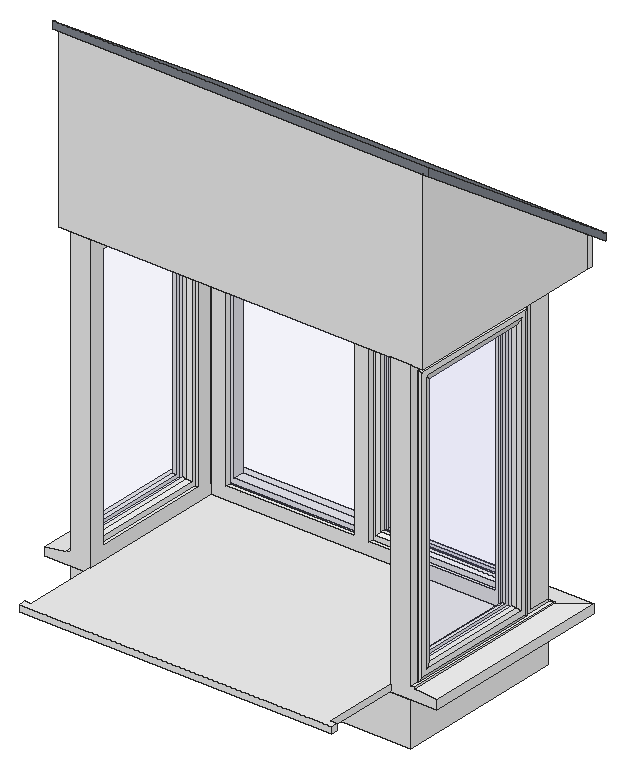
Revit family
Parameters (values of type "Bay - Rectangular 2")
  Wrap Layers (Ext) from Ext = 102.5 mm
  Wrap Layers (Int) from Ext = 177.5 mm
  Window Board Projection = 25.0 mm
  Window Board Extention = 25.0 mm
  Vis - Pitched Roof = yes
  Vis - Flat Roof = no
  Vis - Cavity Closers = yes
  Rough Width = Width  # 1200.0 mm
  Rough Height = Height  # 1200.0 mm
  Roof Thickness = 125.0 mm
  Roof Overhang Sides = 130.0 mm
  Roof Overhang Front = 225.0 mm
  Plinth Thickness = 175.0 mm
  Pitch = 35.00°
  Operation = "UserDefined"
  Material Trim = Window Frame
  Material Roof Cloaking = Roofing - Ship Lap Boarding
  Material Roof = Roofing - Slate Blue
  Material Glass = Glass
  Material Frame = Window Frame
  Manufacturer = "Revit"
  Keynote = "L10"
  Height = 1200.0 mm
  Wall Closure = (empty or 0)
  Width = 1200.0 mm
  Glazing Thickness = 24.0 mm
  Frame Depth = 65.0 mm
  Default Head Height = 2110.0 mm
  Cill Depth = 87.5 mm
  Cavity Closer Width = 50.0 mm
  Cavity Closer Offset from Ext = 200.0 mm
  Cavity Closer Depth = 85.0 mm
  Bay Depth = Width / 2  # 600.0 mm
  Assembly Code = ""
Reference planes
  plane 1: y = 0
  plane 2 "Center (Left/Right)": x = -282
  plane 3 "Left": x = -882
  plane 4 "Right": x = 318
  plane 5 "Cill": z = 910
  plane 6 "Head": z = 2110
  plane 7 "Exterior": y = 161.457
  plane 8 "Interior": y = -138.543
  plane 9 "Wall Closure": y = 58.957
  plane 10 "Front Window Board": y = -163.543
  plane 11 "RHS Window Board": x = 343
  plane 12 "LHS Window Board": x = -907
  plane 13 "Ext Leaf Back": y = -38.543
  plane 14: y = 761.457
  plane 15: z = 2235
  plane 16: y = 986.457
  plane 17: x = -1012
  plane 18: x = 448
  plane 19: y = 1045.457
  plane 20: y = -16.043
Forms (mm)
  Extrusion 1, solid, material "Window Frame" <- "Material Trim"
    sketch origin (0, 0, 910) x (0, -1, 0) y (-1, 0, 0)
      loop
        line (138.543, 907) -> (138.543, 882) -> (-761.457, 882) -> (-761.457, -318) -> (138.543, -318) -> (138.543, -343) -> (163.543, -343) -> (163.543, 907) -> (138.543, 907)
    from 0 to -25
  Sweep 2, solid, material "Window Frame" <- "Material Frame"
    path origin (0, 0, 910) x (0, -1, 0) y (1, 0, 0)
      loop
        line (-161.457, -882) -> (-761.457, -882) -> (-761.457, 318) -> (-161.457, 318)
    profile origin (0, 461.457, 0) x (-1, 0, 0) y (0, 0, 1)
      loop
        line (882, 910) -> (1067.5, 910) -> (1067.5, 943.809) -> (980, 954.745) -> (980, 959.688) -> (965, 961) -> (965, 973) -> (900, 973) -> (900, 985) -> (882, 985) -> (882, 910)
  Extrusion 3, solid, material "Window Frame" <- "Material Frame"
    sketch origin (0, 0, 910) x (0, -1, 0) y (-1, 0, 0)
      loop
        line (-844.457, 965) -> (-844.457, 882) -> (-761.457, 882) -> (-761.457, 965) -> (-844.457, 965)
      loop
        line (-844.457, -401) -> (-761.457, -401) -> (-761.457, -318) -> (-844.457, -318) -> (-844.457, -401)
    from -63 to -1200
  Sweep 4, solid, material "Window Frame" <- "Material Frame"
    path origin (-882, 0, 0) x (0, -1, 0) y (0, 0, 1)
      loop
        line (-761.457, 973) -> (-761.457, 2110) -> (-161.457, 2110) -> (-161.457, 973)
    profile origin (0, 0, 1541.5) x (-1, 0, 0) y (0, -1, 0)
      loop
        line (882, -161.457) -> (882, -221.457) -> (900, -221.457) -> (900, -201.457) -> (965, -201.457) -> (965, -161.457) -> (882, -161.457)
  Sweep 5, solid, material "Window Frame" <- "Material Frame"
    path origin (0, 761.457, 0) x (1, 0, 0) y (0, 0, 1)
      loop
        line (318, 973) -> (318, 2110) -> (-882, 2110) -> (-882, 973)
    profile origin (0, 0, 1541.5) x (-1, 0, 0) y (0, -1, 0)
      loop
        line (-318, -761.457) -> (-318, -844.457) -> (-278, -844.457) -> (-278, -779.457) -> (-258, -779.457) -> (-258, -761.457) -> (-318, -761.457)
  Extrusion 6, solid, material "Window Frame" <- "Material Frame"
    sketch origin (0, 0, 910) x (0, -1, 0) y (-1, 0, 0)
      loop
        line (-761.457, 307) -> (-779.457, 307) -> (-779.457, 297) -> (-803.457, 297) -> (-803.457, 307) -> (-844.457, 307) -> (-844.457, 267) -> (-779.457, 267) -> (-779.457, 249) -> (-761.457, 249) -> (-761.457, 307)
    from -63 to -1200
  Sweep 7, solid, material "Window Frame" <- "Material Frame"
    path origin (318, 0, 0) x (0, -1, 0) y (0, 0, 1)
      loop
        line (-161.457, 973) -> (-161.457, 2110) -> (-761.457, 2110) -> (-761.457, 973)
    profile origin (0, 0, 1541.5) x (0, 1, 0) y (-1, 0, 0)
      loop
        line (161.457, -318) -> (161.457, -401) -> (201.457, -401) -> (201.457, -336) -> (221.457, -336) -> (221.457, -318) -> (161.457, -318)
  Sweep 8, solid, material "Window Frame" <- "Material Frame"
    path origin (-965, 844.457, 973) x (1, 0, 0) y (0, 0, -1)
      loop
        line (1243, 0) -> (698, 0) -> (698, -1097) -> (1243, -1097) -> (1243, 0)
    profile origin (0, 0, 1521.5) x (0, 1, 0) y (-1, 0, 0)
      loop
        line (844.457, -288) -> (850.23, -288) -> (856.004, -277.215) -> (856.004, -255.446) -> (850.23, -238) -> (832.457, -238) -> (832.457, -248) -> (808.457, -248) -> (808.457, -238) -> (793.949, -238) -> (779.457, -248.148) -> (779.457, -278) -> (844.457, -278) -> (844.457, -288)
  Sweep 9, solid, material "Window Frame" <- "Material Frame"
    path origin (401, 844.457, 973) x (0, -1, 0) y (0, 0, -1)
      loop
        line (643, -1097) -> (643, 0) -> (123, 0) -> (123, -1097) -> (643, -1097)
    profile "Casement : Casement" origin (401, 201.457, 1521.5) x (0, -1, 0) y (1, 0, 0)
      loop
        line (10, 0) -> (10, 5.774) -> (-0.785, 11.547) -> (-22.554, 11.547) -> (-40, 5.774) -> (-40, -12) -> (-30, -12) -> (-30, -36) -> (-40, -36) -> (-40, -50.507) -> (-29.852, -65) -> (0, -65) -> (0, 0) -> (10, 0)
  Sweep 10, solid, material "Window Frame" <- "Material Frame"
    path origin (-965, 721.457, 2070) x (0, -1, 0) y (0, 0, 1)
      loop
        line (0, 0) -> (0, -1097) -> (520, -1097) -> (520, 0) -> (0, 0)
    profile "Casement : Casement" origin (-965, 201.457, 1521.5) x (0, -1, 0) y (-1, 0, 0)
      loop
        line (10, 0) -> (10, 5.774) -> (-0.785, 11.547) -> (-22.554, 11.547) -> (-40, 5.774) -> (-40, -12) -> (-30, -12) -> (-30, -36) -> (-40, -36) -> (-40, -50.507) -> (-29.852, -65) -> (0, -65) -> (0, 0) -> (10, 0)
  Sweep 11, solid, material "Window Frame" <- "Material Frame"
    path origin (-310, 800.457, 873) x (0, 0, 1) y (1, 0, 0)
      loop
        line (1197, 3) -> (1197, -532) -> (100, -532) -> (100, 3)
    profile origin (0, 0, 1521.5) x (0, 1, 0) y (-1, 0, 0)
      loop
        line (803.457, 822) -> (844.457, 822) -> (844.457, 842) -> (803.457, 842) -> (803.457, 822)
  Extrusion 12, solid, material "Glass" <- "Material Glass"
    sketch origin (238, 832.457, 1013) x (-1, 0, 0) y (0, 0, -1)
      loop
        line (-10, -1027) -> (475, -1027) -> (475, 10) -> (-10, 10) -> (-10, -1027)
    from 0 to 24 <- "Glazing Thickness"
  Extrusion 13, solid, material "Glass" <- "Material Glass"
    sketch origin (-307, 803.457, 2070) x (-1, 0, 0) y (0, 0, -1)
      loop
        line (-10, 0) -> (535, 0) -> (535, 1097) -> (-10, 1097) -> (-10, 0)
    from 0 to 24 <- "Glazing Thickness"
  Extrusion 14, solid, material "Glass" <- "Material Glass"
    sketch origin (-953, 691.457, 2040) x (0, -1, 0) y (0, 0, -1)
      loop
        line (460, 0) -> (460, 1037) -> (0, 1037) -> (0, 0) -> (460, 0)
    from 0 to 24 <- "Glazing Thickness"
  Extrusion 15, solid, material "Glass" <- "Material Glass"
    sketch origin (389, 231.457, 2040) x (0, 1, 0) y (0, 0, -1)
      loop
        line (0, 0) -> (460.148, 0) -> (460.148, 1037.148) -> (0, 1037.148) -> (0, 0)
    from 0 to 24 <- "Glazing Thickness"
  Extrusion 16, solid, material "Window Frame" <- "Material Frame"
    sketch origin (0, 0, 910) x (0, -1, 0) y (-1, 0, 0)
      loop
        line (-161.457, 965) -> (-844.457, 965) -> (-844.457, -401) -> (-161.457, -401) -> (-161.457, 965)
    from 0 to 175
  Extrusion 17, solid, material "Window Frame" <- "Material Frame", visible <- "Vis - Flat Roof"
    sketch origin (0, 0, 2110) x (0, -1, 0) y (-1, 0, 0)
      loop
        line (-986.457, 1012) -> (-986.457, -448) -> (-161.457, -448) -> (-161.457, 1012) -> (-986.457, 1012)
    from -125 to 0
  Extrusion 18, solid, material "Window Frame" <- "Material Frame", visible <- "Vis - Pitched Roof"
    sketch origin (-282, -6.61, 0) x (0, 1, 0) y (0, 0, 1)
      loop
        line (993.067, 2110) -> (1012.067, 2110) -> (1012.067, 2235) -> (993.067, 2235) -> (993.067, 2110)
    from -730 to 730
  Extrusion 19, solid, material "Roofing - Slate Blue" <- "Material Roof", visible <- "Vis - Pitched Roof"
    sketch origin (-282, -6.61, 0) x (0, 1, 0) y (0, 0, 1)
      loop
        line (1052.067, 2193.688) -> (1052.067, 2224.207) -> (168.067, 2843.191) -> (168.067, 2812.671) -> (1052.067, 2193.688)
    from -755 to 755
  Extrusion 20, solid, material "Roofing - Ship Lap Boarding" <- "Material Roof Cloaking", visible <- "Vis - Pitched Roof"
    sketch origin (-1012, 0, 0) x (0, 1, 0) y (0, 0, 1)
      loop
        line (161.457, 2812.671) -> (161.457, 2110) -> (986.457, 2110) -> (986.457, 2235) -> (161.457, 2812.671)
    from 0 to 1460
Cuts and joins
  joined: Sweep 2, Sweep 4, Sweep 5, Extrusion 6, Sweep 7
Lines and regions (mm)
  Opening 1
    outline origin (-5000, -138.543, 0) x (1, 0, 0) y (0, 0, 1)
      loop
        line (5318, 2110) -> (4118, 2110) -> (4118, 910) -> (5318, 910) -> (5318, 2110)
  Masking region 1
    outline origin (0, 0, 910) x (0, -1, 0) y (1, 0, 0)
      loop
        line (-946.957, -1067.5) -> (-161.457, -1067.5) -> (-161.457, -882) -> (-761.457, -882) -> (-761.457, 318) -> (-161.457, 318) -> (-161.457, 503.5) -> (-946.957, 503.5) -> (-946.957, -1067.5)
  symbolic lines, style "Elevation Swing", detail levels coarse
    curve 1: line (-882, 111.457, 0) -> (-882, 28.457, 0)
    curve 2: line (318, 28.457, 0) -> (318, 111.457, 0)
  symbolic lines, style "Cavity Closer", visible <- "Vis - Cavity Closers", detail levels medium+fine
    curve 3: line (-882, -38.543, 0) -> (-932, -38.543, 0)
    curve 4: line (-882, -123.543, 0) -> (-882, -38.543, 0)
    curve 5: line (-932, -123.543, 0) -> (-882, -123.543, 0)
    curve 6: line (-932, -38.543, 0) -> (-932, -123.543, 0)
    curve 7: line (-882, -123.543, 0) -> (-932, -38.543, 0)
    curve 8: line (-932, -123.543, 0) -> (-882, -38.543, 0)
    curve 9: line (318, -38.543, 0) -> (368, -38.543, 0)
    curve 10: line (318, -123.543, 0) -> (318, -38.543, 0)
    curve 11: line (368, -123.543, 0) -> (318, -123.543, 0)
    curve 12: line (368, -38.543, 0) -> (368, -123.543, 0)
    curve 13: line (318, -123.543, 0) -> (368, -38.543, 0)
    curve 14: line (368, -123.543, 0) -> (318, -38.543, 0)
  symbolic lines
    curve 15: line (-1067.5, 946.957, 0) -> (-1067.5, 161.457, 0)
    curve 16: line (503.5, 946.957, 0) -> (-1067.5, 946.957, 0)
    curve 17: line (503.5, 161.457, 0) -> (503.5, 946.957, 0)
    curve 18: line (-980, 859.457, 0) -> (-980, 161.457, 0)
    curve 19: line (416, 859.457, 0) -> (-980, 859.457, 0)
    curve 20: line (416, 161.457, 0) -> (416, 859.457, 0)
    curve 21: line (-882, 761.457, 0) -> (318, 761.457, 0)
    curve 22: line (-882, 161.457, 0) -> (-882, 761.457, 0)
    curve 23: line (318, 761.457, 0) -> (318, 161.457, 0)
    curve 24: line (-882, 859.457, 0) -> (-882, 761.457, 0)
    curve 25: line (-882, 761.457, 0) -> (-980, 761.457, 0)
    curve 26: line (-882, 721.457, 0) -> (-980, 721.457, 0)
    curve 27: line (-980, 201.457, 0) -> (-882, 201.457, 0)
    curve 28: line (-929, 201.457, 0) -> (-929, 721.457, 0)
    curve 29: line (318, 761.457, 0) -> (318, 859.457, 0)
    curve 30: line (416, 761.457, 0) -> (318, 761.457, 0)
    curve 31: line (416, 721.457, 0) -> (318, 721.457, 0)
    curve 32: line (318, 201.457, 0) -> (416, 201.457, 0)
    curve 33: line (365, 721.457, 0) -> (365, 201.457, 0)
    curve 34: line (278, 761.457, 0) -> (278, 859.457, 0)
    curve 35: line (-267, 808.457, 0) -> (278, 808.457, 0)
    curve 36: line (-267, 859.457, 0) -> (-267, 761.457, 0)
    curve 37: line (-307, 859.457, 0) -> (-307, 761.457, 0)
    curve 38: line (-842, 859.457, 0) -> (-842, 761.457, 0)
    curve 39: line (-307, 803.457, 0) -> (-842, 803.457, 0)
  symbolic lines, style "Elevation Swing"
    curve 40: line (0, 731.457, 2080) -> (0, 191.457, 1521.5)
    curve 41: line (0, 191.457, 1521.5) -> (0, 731.457, 963)
    curve 42: line (-277, 0, 2080) -> (288, 0, 1521.5)
    curve 43: line (288, 0, 1521.5) -> (-277, 0, 963)
  symbolic lines, style "InvisibleLines"
    curve 44: line (0, 986.457, 2235) -> (0, 389.55, 2652.959)
Text (mm)
  text "EXTERIOR" at (-1415.209, 454.062, 0), in view "Ref. Level"
  text "INTERIOR" at (-1415.209, -367.981, 0), in view "Ref. Level"
  text "Exterior" at (0, 923.751, 2943.296), in view "Right"
  text "Exterior" at (0, 1040.484, 2685.409), in view "Left"
Dimensions and locks
  equal spacing: plane 3 "Left", plane 2 "Center (Left/Right)", plane 4 "Right"
  "Width": plane 3 "Left" to plane 4 "Right"
  "Height": plane 5 "Cill" to plane 6 "Head"
  "Default Head Height": plane 6 "Head" to level
  locked: plane 7 "Exterior" to host wall at 0
  locked: plane 8 "Interior" to host wall
  "Window Board Projection": plane 10 "Front Window Board" to plane 8 "Interior"
  "Window Board Extention": plane 12 "LHS Window Board" to plane 3 "Left"
  "Window Board Extention": plane 4 "Right" to plane 11 "RHS Window Board"
  "Cavity Closer Offset from Ext": plane 13 "Ext Leaf Back" to plane 7 "Exterior"
  "Cavity Closer Depth": curve 3 to curve 5
  "Cavity Closer Width": curve 6 to plane 3 "Left"
  "Cavity Closer Depth": curve 9 to curve 11
  "Cavity Closer Width": plane 4 "Right" to curve 12
  "Bay Depth": plane 7 "Exterior" to plane 14
  locked: Sweep 2 sketch curve to Sweep 2 sketch curve at 18
  "Frame Depth": Sweep 2 sketch curve to Sweep 2 sketch curve
  locked: Sweep 2 sketch curve to Sweep 2 sketch curve at 15
  "Cill Depth": Sweep 2 sketch curve to Sweep 2 sketch curve
  locked: Sweep 4 sketch curve to Sweep 4 sketch curve at 20
  locked: Sweep 4 sketch curve to Sweep 4 sketch curve at 40
  Sweep 5 sketch curve to Extrusion 3 = 40.0 mm
  locked: Sweep 5 sketch curve to Sweep 5 sketch curve at 20
  "Glazing Thickness": Extrusion 6 sketch curve to Extrusion 6 sketch curve
  locked: Extrusion 6 sketch curve to Extrusion 6 sketch curve at 10
  locked: Extrusion 6 sketch curve to Extrusion 6 sketch curve at 18
  locked: Extrusion 6 sketch curve to Extrusion 6 sketch curve at 40
  equal spacing: Extrusion 6 sketch curve, plane 2 "Center (Left/Right)", Extrusion 6 sketch curve
  locked: Sweep 7 sketch curve to Sweep 7 sketch curve at 20
  locked: Sweep 7 sketch curve to profile plane at 40
  equal spacing: Sweep 8 sketch curve, Sweep 8 sketch curve, Sweep 5
  locked: Sweep 8 sketch curve to Sweep 8 sketch curve at 17.774
  locked: Sweep 8 sketch curve to Sweep 8 sketch curve at 5.774
  "Glazing Thickness": Sweep 8 sketch curve to Sweep 8 sketch curve
  locked: Sweep 8 sketch curve to Sweep 8 sketch curve at 10
  equal spacing: Sweep 9, curve 41, Sweep 9
  equal spacing: Sweep 8, curve 43, Sweep 8
  "Glazing Thickness": Sweep 11 sketch curve to cut or joined group of Sweep 2, Sweep 4, Sweep 5, Extrusion 6, Sweep 7
  "Plinth Thickness": Extrusion 16 to plane 5 "Cill"
  "Roof Overhang Sides": plane 17 to plane 3 "Left"
  "Roof Overhang Sides": plane 4 "Right" to plane 18
  "Roof Overhang Front": plane 14 to plane 16
  locked: plane 16 to Extrusion 18 sketch curve at 19
  plane 16 to plane 19 = 59.0 mm
  locked: Extrusion 19 sketch curve to curve 44 at 25
  locked: Extrusion 19 to plane 18 at 25
  locked: plane 17 to Extrusion 19 at 25
  "Roof Thickness": plane 6 "Head" to plane 15
  "Wrap Layers (Ext) from Ext": plane 9 "Wall Closure" to plane 7 "Exterior"
  "Wrap Layers (Int) from Ext": plane 20 to plane 7 "Exterior"
  "Pitch": angle curve 44 to plane 15
  aligned and locked: Extrusion 1 sketch curve to plane 3 "Left"
  aligned and locked: Extrusion 1 sketch curve to plane 8 "Interior"  (x2)
  aligned and locked: Extrusion 1 sketch curve to plane 11 "RHS Window Board"
  aligned and locked: Extrusion 1 to plane 10 "Front Window Board"
  aligned and locked: plane 12 "LHS Window Board" to Extrusion 1 sketch curve
  aligned and locked: plane 3 "Left" to nested 1
  aligned and locked: curve 4 to plane 3 "Left"
  aligned and locked: plane 4 "Right" to nested 2
  aligned and locked: curve 10 to plane 4 "Right"
  aligned and locked: plane 3 "Left" to Sweep 2 sketch curve
  aligned and locked: Sweep 2 to Extrusion 3 sketch curve  (x2)
  aligned and locked: Extrusion 3 sketch curve to Sweep 2  (x2)
  aligned and locked: Extrusion 3 to plane 6 "Head"
  aligned and locked: Extrusion 3 to Sweep 2
  aligned and locked: Sweep 4 sketch curve to Extrusion 3
  aligned and locked: Sweep 4 sketch curve to plane 7 "Exterior"
  aligned and locked: plane 6 "Head" to Sweep 4 sketch curve
  aligned and locked: Sweep 2 to Sweep 4 sketch curve
  aligned and locked: Sweep 4 sketch curve to plane 3 "Left"
  aligned and locked: Sweep 5 sketch curve to Sweep 2
  aligned and locked: Sweep 5 sketch curve to plane 14
  aligned and locked: Sweep 2 to Sweep 5 sketch curve  (x2)
  aligned and locked: Extrusion 6 sketch curve to Extrusion 6 sketch curve  (x2)
  aligned and locked: Extrusion 6 sketch curve to plane 14
  aligned and locked: Extrusion 6 sketch curve to Sweep 2  (x2)
  aligned and locked: plane 14 to Sweep 7 sketch curve
  aligned and locked: Sweep 7 sketch curve to plane 7 "Exterior"
  aligned and locked: plane 4 "Right" to Sweep 7 sketch curve
  aligned and locked: Sweep 2 to Sweep 7 sketch curve  (x3)
  aligned and locked: plane 7 "Exterior" to Sweep 2 sketch curve  (x2)
  aligned and locked: plane 7 "Exterior" to Sweep 7 sketch curve
  aligned and locked: Sweep 8 sketch curve to Extrusion 6
  aligned and locked: Sweep 8 sketch curve to Sweep 8 sketch curve
  aligned and locked: Sweep 8 sketch curve to Sweep 5  (x2)
  aligned and locked: Sweep 8 sketch curve to Sweep 2  (x3)
  aligned and locked: Sweep 7 to Sweep 9 sketch curve
  aligned and locked: Sweep 9 sketch curve to Sweep 7  (x2)
  aligned and locked: plane 7 "Exterior" to Sweep 4 sketch curve
  aligned and locked: Sweep 4 to Sweep 10 sketch curve
  aligned and locked: Sweep 10 sketch curve to Sweep 4  (x2)
  aligned and locked: Sweep 2 to Sweep 9 sketch curve
  aligned and locked: Extrusion 3 to Extrusion 6
  aligned and locked: Sweep 10 sketch curve to Extrusion 3
  aligned and locked: Sweep 2 to Sweep 11 sketch curve
  aligned and locked: Sweep 5 to Sweep 11 sketch curve  (x3)
  aligned and locked: Sweep 11 sketch curve to Sweep 5
  aligned and locked: Sweep 11 sketch curve to Sweep 2
  aligned and locked: Extrusion 6 to Sweep 11 sketch curve
  aligned and locked: Sweep 11 sketch curve to Extrusion 6
  aligned and locked: curve 15 to Sweep 2
  aligned and locked: curve 16 to Sweep 2
  aligned and locked: curve 17 to Sweep 2
  aligned and locked: curve 18 to Sweep 2
  aligned and locked: curve 19 to Sweep 2
  aligned and locked: curve 20 to Sweep 2
  aligned and locked: curve 22 to Sweep 2
  aligned and locked: curve 23 to Sweep 2
  aligned and locked: curve 24 to Sweep 5
  aligned and locked: curve 25 to Sweep 4
  aligned and locked: curve 26 to Sweep 10
  aligned and locked: curve 27 to Sweep 10
  aligned and locked: curve 30 to Sweep 7
  aligned and locked: curve 31 to Sweep 9
  aligned and locked: curve 32 to Sweep 9
  aligned and locked: curve 34 to Sweep 8
  aligned and locked: curve 36 to Sweep 8
  aligned and locked: curve 37 to Extrusion 6
  aligned and locked: curve 38 to Sweep 11
  aligned and locked: Sweep 2 sketch curve to plane 3 "Left"
  aligned and locked: Sweep 2 sketch curve to plane 4 "Right"
  aligned and locked: plane 14 to Sweep 2 sketch curve
  aligned and locked: plane 3 "Left" to Sweep 5 sketch curve
  aligned and locked: Sweep 5 sketch curve to plane 4 "Right"
  aligned and locked: Sweep 5 sketch curve to plane 6 "Head"
  aligned and locked: cut or joined group of Sweep 2, Sweep 4, Sweep 5, Extrusion 6, Sweep 7 to plane 6 "Head"
  aligned and locked: Extrusion 16 sketch curve to cut or joined group of Sweep 2, Sweep 4, Sweep 5, Extrusion 6, Sweep 7  (x3)
  aligned and locked: Extrusion 16 sketch curve to plane 7 "Exterior"
  aligned and locked: plane 16 to Extrusion 18 sketch curve
  aligned and locked: Extrusion 18 sketch curve to plane 15
  aligned and locked: plane 18 to Extrusion 18
  aligned and locked: Extrusion 18 to plane 17
  aligned and locked: plane 16 to curve 44
  aligned and locked: Extrusion 19 sketch curve to curve 44
  aligned and locked: host wall to Extrusion 19 sketch curve
  aligned and locked: plane 19 to Extrusion 19 sketch curve
  aligned and locked: Extrusion 20 sketch curve to Extrusion 19
  aligned and locked: host wall to Extrusion 20 sketch curve
  aligned and locked: Extrusion 20 sketch curve to plane 16
  aligned and locked: plane 18 to Extrusion 20
  aligned and locked: Extrusion 17 to plane 15
  aligned and locked: plane 6 "Head" to Extrusion 17
  aligned and locked: nested 2 to plane 13 "Ext Leaf Back"
  aligned and locked: nested 1 to plane 13 "Ext Leaf Back"
  aligned and locked: Masking region 1 sketch curve to curve 15
  aligned and locked: plane 3 "Left" to Masking region 1 sketch curve
  aligned and locked: plane 4 "Right" to Masking region 1 sketch curve
  aligned and locked: Masking region 1 sketch curve to curve 17
  aligned and locked: Masking region 1 sketch curve to curve 16
  aligned and locked: plane 14 to Masking region 1 sketch curve
  aligned and locked: plane 7 "Exterior" to Masking region 1 sketch curve
  aligned and locked: Masking region 1 sketch curve to plane 7 "Exterior"
Automatic sketch dimensions
  Extrusion 1 sketch curve to plane 4 "Right" = 0.0 mm
  Extrusion 1 sketch curve to plane 10 "Front Window Board" = 0.0 mm
  Sweep 2 sketch curve to plane 5 "Cill" = 0.0 mm
  Sweep 2 sketch curve to plane 5 "Cill" = 33.809 mm
  Sweep 2 sketch curve to plane 5 "Cill" = 44.745 mm
  Sweep 2 sketch curve to Sweep 2 sketch curve = 4.943 mm
  Sweep 2 sketch curve to Sweep 2 sketch curve = 1.312 mm
  Sweep 2 sketch curve to plane 5 "Cill" = 63.0 mm
  Sweep 2 sketch curve to Sweep 2 sketch curve = 12.0 mm
  Extrusion 3 sketch curve to plane 4 "Right" = 0.0 mm
  Extrusion 3 sketch curve to plane 14 = 0.0 mm  (x2)
  Extrusion 3 sketch curve to plane 3 "Left" = 0.0 mm
  plane 3 "Left" to Sweep 4 sketch curve = 18.0 mm
  Sweep 5 sketch curve to profile plane = 0.0 mm
  Sweep 7 sketch curve to plane 4 "Right" = 18.0 mm
  Sweep 8 sketch curve to profile plane = 0.0 mm
  Sweep 8 sketch curve to Sweep 8 sketch curve = 14.507 mm
  profile plane to Sweep 8 sketch curve = 5.774 mm
  Sweep 8 sketch curve to profile plane = 0.785 mm
  profile plane to Sweep 8 sketch curve = 10.0 mm
  Sweep 8 sketch curve to Sweep 8 sketch curve = 21.77 mm
  Sweep 8 sketch curve to profile plane = 29.852 mm
  Sweep 8 sketch curve to Sweep 8 sketch curve = 0.148 mm
  Sweep 4 sketch curve to plane 5 "Cill" = 63.0 mm  (x2)
  Extrusion 1 sketch curve to plane 14 = 0.0 mm
  curve 1 to plane 3 "Left" = 0.0 mm
  curve 2 to plane 4 "Right" = 0.0 mm
  curve 23 to host wall = 0.0 mm
  curve 15 to host wall = 0.0 mm
  curve 18 to host wall = 0.0 mm
  curve 22 to host wall = 0.0 mm
  curve 17 to host wall = 0.0 mm
  curve 20 to host wall = 0.0 mm
  curve 2 to host wall = 17.0 mm
  curve 1 to host wall = 17.0 mm
  curve 2 to curve 23 = 50.0 mm
  curve 1 to curve 22 = 50.0 mm
  plane 12 "LHS Window Board" to curve 28 = 22.0 mm
  curve 39 to curve 35 = 5.0 mm
  curve 39 to plane 14 = 42.0 mm
  curve 33 to plane 11 "RHS Window Board" = 22.0 mm
  Sweep 5 sketch curve to plane 5 "Cill" = 63.0 mm
  plane 4 "Right" to Extrusion 12 sketch curve = 70.0 mm
  plane 2 "Center (Left/Right)" to Extrusion 12 sketch curve = 45.0 mm
  plane 6 "Head" to Extrusion 12 sketch curve = 70.0 mm
  Extrusion 12 sketch curve to plane 5 "Cill" = 93.0 mm
  Extrusion 13 sketch curve to plane 2 "Center (Left/Right)" = 15.0 mm
  Extrusion 13 sketch curve to plane 3 "Left" = 40.0 mm
  plane 6 "Head" to Extrusion 13 sketch curve = 40.0 mm
  Extrusion 13 sketch curve to plane 5 "Cill" = 63.0 mm
  plane 14 to Extrusion 14 sketch curve = 70.0 mm
  host wall to Extrusion 14 sketch curve = 70.0 mm
  plane 6 "Head" to Extrusion 14 sketch curve = 70.0 mm
  Extrusion 14 sketch curve to plane 5 "Cill" = 93.0 mm
  host wall to Extrusion 15 sketch curve = 70.0 mm
  plane 14 to Extrusion 15 sketch curve = 69.852 mm
  plane 6 "Head" to Extrusion 15 sketch curve = 70.0 mm
  Extrusion 15 sketch curve to plane 5 "Cill" = 92.852 mm
  curve 8 to plane 13 "Ext Leaf Back" = 0.0 mm
  curve 9 to plane 13 "Ext Leaf Back" = 0.0 mm
  Opening 1 sketch curve to plane 3 "Left" = 0.0 mm
  Opening 1 sketch curve to plane 4 "Right" = 0.0 mm
  Opening 1 sketch curve to plane 5 "Cill" = 0.0 mm
  Opening 1 sketch curve to plane 6 "Head" = 0.0 mm
  plane 2 "Center (Left/Right)" to curve 42 = 5.0 mm
  plane 6 "Head" to curve 42 = 30.0 mm
  plane 2 "Center (Left/Right)" to curve 43 = 5.0 mm
  curve 43 to plane 5 "Cill" = 53.0 mm
  plane 4 "Right" to curve 43 = 30.0 mm
  Extrusion 17 sketch curve to plane 16 = 0.0 mm
  Extrusion 17 sketch curve to host wall = 0.0 mm
  Extrusion 17 sketch curve to plane 17 = 0.0 mm
  Extrusion 17 sketch curve to plane 18 = 0.0 mm
  host wall to curve 44 = 228.093 mm
  plane 14 to curve 41 = 30.0 mm
  curve 44 to plane 15 = 0.0 mm
  plane 15 to Sweep 7 sketch curve = 125.0 mm
  plane 15 to Extrusion 18 sketch curve = 125.0 mm
  plane 15 to Extrusion 20 sketch curve = 125.0 mm
  host wall to curve 41 = 30.0 mm
  plane 14 to curve 40 = 30.0 mm
  curve 41 to plane 5 "Cill" = 53.0 mm
  plane 6 "Head" to curve 40 = 30.0 mm
Nested families
  nested 1: "Cavity Closer" at (-932, -38.543, 0), visible <- "Vis - Cavity Closers", type "Cavity Closer", detail levels medium+fine
  nested 2: "Cavity Closer" at (368, -38.543, 0) x (-1, 0, 0) z (0, 0, 1), visible <- "Vis - Cavity Closers", type "Cavity Closer", detail levels medium+fine
Definition of nested family "Cavity Closer"
  Parameters
    Closer Width = 50.0 mm
    Closer Depth = 75.0 mm
  Reference planes
    plane 1 "Center (Front/Back)": y = 0
    plane 2: z = 0
    plane 3 "Center (Left/Right)": x = 0
    plane 4: x = 50, in view "Ref. Level"
    plane 5: y = -75, in view "Ref. Level"
  Lines and regions (mm)
    Masking region 1, in view "Ref. Level"
      outline origin (0, 0, 0) x (1, 0, 0) y (0, 1, 0)
        loop
          line (0, 0) -> (0, -75) -> (50, -75) -> (50, 0) -> (0, 0)
  Dimensions and locks
    "Closer Width": plane 3 "Center (Left/Right)" to plane 4
    "Closer Depth": plane 5 to plane 1 "Center (Front/Back)"
  Automatic sketch dimensions
    Masking region 1 sketch curve to plane 3 "Center (Left/Right)" = 0.0 mm
    Masking region 1 sketch curve to plane 4 = 0.0 mm
    Masking region 1 sketch curve to plane 5 = 0.0 mm
    Masking region 1 sketch curve to plane 1 "Center (Front/Back)" = 0.0 mm
